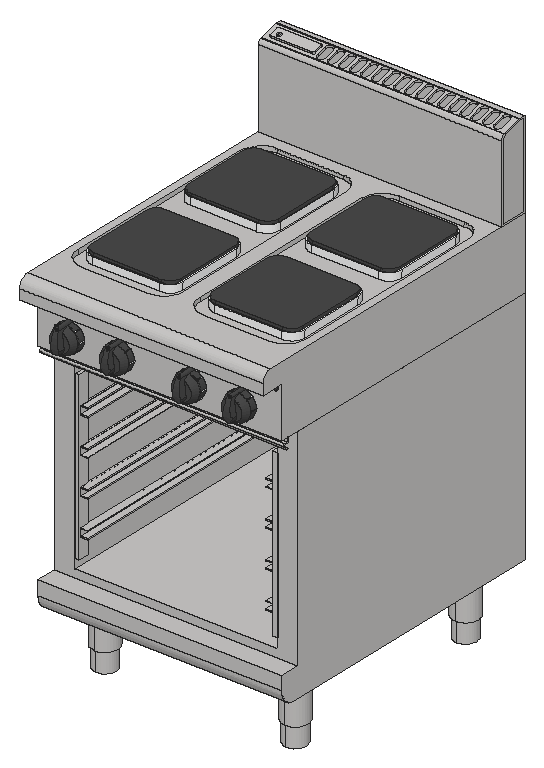
Revit family "QF_Moffat_RN8400SE-CB_Electric_Cooktops_Sealed_Hobs_cat", category Specialty Equipment, Revit 2019
Family settings
  Round Connector Dimension = Use Diameter
  Part Type = Normal
  Work Plane-Based = No
  Always vertical = Yes
  Cut with Voids When Loaded = No
  Shared = No
  Room Calculation Point = No
Parameters (values of type "QF_Moffat_RN8400SE-CB")
  Weight in Kilograms = 79
  Watts = 9130 W
  Volts = 415 V
  URL Cutsheet = ""
  Specification by User = ""
  Specification by Manufacturer = ""
  Show Logo [instance] = yes
  Show High Back [instance] = yes
  Serial Number = ""
  Seismic Rating = ""
  SMACNA No = ""
  Revision Code = ""
  Phase = 2
  Number of Poles = 1
  NAFEM Spec ID Number = ""
  Model = "RN8400SE-CB"
  Min Ckt Ampacity = 0 A
  Max Overcurrent Protection = 0 A
  Masterspec = ""
  Manufacturer = "Moffat"
  Length = 600 mm
  Item Number = ""
  Installed By = ""
  Identify Quantity as Lot = yes
  Height = 1130 mm
  HP = ""
  Furnished By = ""
  Foodservice Equipment Identifier = yes
  FL Amps = 22 A
  Electrical Remarks = ""
  Electric Connection Type = ""
  Elec Conn RI Height = 0 mm
  Elec Conn Connection Height = 0 mm
  Description = "Electric Cooktops Sealed Hobs"
  Depth = 805 mm
  Cycle = 60 Hz
  Conn Plug = ""
  Conn Conduit = yes
  CSI MasterFormat = ""
  Apparent Power = if(Phase = 3, Volts * FL Amps * 1.73, Volts * FL Amps)  # 9130 VA
Reference planes
  plane 1 "BACK": y = 0
  plane 2: z = 0
  plane 3 "LEFT": x = 0
  plane 4 "RIGHT": x = 600
  plane 5 "FRONT": y = -805
  plane 6 "TOP": z = 1130
  plane 7 "Center Y": x = 300
  plane 8 "Center X": y = -402.5
Dimensions and locks
  equal spacing: plane 3 "LEFT", plane 7 "Center Y", plane 4 "RIGHT"
  "Length": plane 3 "LEFT" to plane 4 "RIGHT"
  equal spacing: plane 5 "FRONT", plane 8 "Center X", plane 1 "BACK"
  "Depth": plane 5 "FRONT" to plane 1 "BACK"
  "Height": plane 6 "TOP" to level
  aligned and locked: level to plane 2
Nested families
  nested 1: "RN8400SE-CB" at (0, 0, 0), type "E514S-CB"
  nested 2: "High and Low Option" at (0, 0, 0), High Back <- "Show High Back", Show Logo <- "Show Logo", type "RNLB8610SE"
    with Show Logo 2 yes, Show Logo 1 no, Show Logo yes, Low Back no, High Back yes
Connectors
  electrical at (470, -30, 148.4), driven by "Volts", driven by "Watts"
    settings: on nested 1, index 1, voltage 415 V, apparent load 9130 VA, apparent load phase1 0 VA, apparent load phase2 0 VA, apparent load phase3 0 VA, power factor 1, load classification "Other", number of poles 1, system type 30, power factor state 1, is connector primary yes, connector utility no, sub classification motor no, connector description "ELECTRICAL CONNECTION"
Definition of nested family "RN8400SE-CB"
  Parameters (values of type "E514S-CB")
    Weight in Kilograms = 131
    Watts = Volts * FL Amps  # 8800 W
    Volts = 400 V
    URL Cutsheet = ""
    Specification by User = ""
    Specification by Manufacturer = ""
    Serial Number = ""
    Seismic Rating = ""
    SMACNA No = ""
    Revision Code = ""
    Phase = 2
    Number of Poles = 1
    NAFEM Spec ID Number = ""
    Model = "RN8400SE-CB"
    Min Ckt Ampacity = 0 A
    Max Overcurrent Protection = 0 A
    Masterspec = ""
    Manufacturer = "Moffat"
    Length = 600 mm
    Item Number = ""
    Installed By = ""
    Identify Quantity as Lot = yes
    Height = 915 mm
    HP = ""
    Furnished By = ""
    Foodservice Equipment Identifier = yes
    FL Amps = 22 A
    Electrical Remarks = ""
    Electric Connection Type = ""
    Elec Conn RI Height = 0 mm
    Elec Conn Connection Height = 0 mm
    Description = "Electric Cooktops Sealed Hobs"
    Depth = 805 mm
    Cycle = 50 Hz
    Conn Plug = ""
    Conn Conduit = yes
    CSI MasterFormat = ""
    Apparent Power = if(Phase = 3, Volts * FL Amps * 1.73, Volts * FL Amps)  # 8800 VA
  Reference planes
    plane 1 "BACK": y = 0
    plane 2: z = 0
    plane 3 "LEFT": x = 0
    plane 4 "RIGHT": x = 600
    plane 5 "FRONT": y = -805
    plane 6 "TOP": z = 915
    plane 7 "Center Y": x = 300
    plane 8 "Center X": y = -402.5
    plane 9: x = 65.5
    plane 10: x = 87.5
    plane 11: x = 211.766
    plane 12: y = -30
    plane 13: x = 470
    plane 14: x = 512.5
    plane 15: x = 388.234
    plane 16: x = 534.5
    plane 17: y = -100
    plane 18: y = -625
  Forms (mm)
    Extrusion 1, solid
      sketch origin (0, 0, 815) x (0, 1, 0) y (0, 0, 1)
        loop
          line (0, -75) -> (0, 100) -> (-781, 100)
          arc (-781, 100) -> (-797.971, 92.971) -> (-805, 76) r 24
          line (-805, 76) -> (-805, 51) -> (-749, 51) -> (-749, -75) -> (0, -75)
      from 0 to 600
    Extrusion 2, void
      sketch origin (0, -781, 915) x (0, 1, 0) y (-1, 0, 0)
        loop
          arc (680.8, -69) -> (666.155, -33.645) -> (630.8, -19) r 50
          line (630.8, -19) -> (130.599, -19)
          arc (130.599, -19) -> (95.244, -33.645) -> (80.599, -69) r 50
          line (80.599, -69) -> (80.599, -231)
          arc (80.599, -231) -> (95.244, -266.355) -> (130.599, -281) r 50
          line (130.599, -281) -> (630.8, -281)
          arc (630.8, -281) -> (666.155, -266.355) -> (680.8, -231) r 50
          line (680.8, -231) -> (680.8, -69)
        loop
          line (680.8, -531) -> (680.8, -369)
          arc (680.8, -369) -> (666.155, -333.645) -> (630.8, -319) r 50
          line (630.8, -319) -> (130.599, -319)
          arc (130.599, -319) -> (95.244, -333.645) -> (80.599, -369) r 50
          line (80.599, -369) -> (80.599, -531)
          arc (80.599, -531) -> (95.244, -566.355) -> (130.599, -581) r 50
          line (130.599, -581) -> (630.8, -581)
          arc (630.8, -581) -> (666.155, -566.355) -> (680.8, -531) r 50
      from 0 to -9.5
    Extrusion 3, solid
      sketch origin (0, -781, 905.5) x (0, 1, 0) y (-1, 0, 0)
        loop
          arc (644.8, -68) -> (635.427, -45.373) -> (612.8, -36) r 32
          line (612.8, -36) -> (448.599, -36)
          arc (448.599, -36) -> (425.972, -45.373) -> (416.599, -68) r 32
          line (416.599, -68) -> (416.599, -232)
          arc (416.599, -232) -> (425.972, -254.627) -> (448.599, -264) r 32
          line (448.599, -264) -> (612.8, -264)
          arc (612.8, -264) -> (635.427, -254.627) -> (644.8, -232) r 32
          line (644.8, -232) -> (644.8, -68)
        loop
          arc (344.599, -68) -> (335.227, -45.373) -> (312.599, -36) r 32
          line (312.599, -36) -> (148.599, -36)
          arc (148.599, -36) -> (125.972, -45.373) -> (116.599, -68) r 32
          line (116.599, -68) -> (116.599, -232)
          arc (116.599, -232) -> (125.972, -254.627) -> (148.599, -264) r 32
          line (148.599, -264) -> (312.599, -264)
          arc (312.599, -264) -> (335.227, -254.627) -> (344.599, -232) r 32
          line (344.599, -232) -> (344.599, -68)
        loop
          arc (644.8, -368) -> (635.427, -345.373) -> (612.8, -336) r 32
          line (612.8, -336) -> (448.599, -336)
          arc (448.599, -336) -> (425.972, -345.373) -> (416.599, -368) r 32
          line (416.599, -368) -> (416.599, -532)
          arc (416.599, -532) -> (425.972, -554.627) -> (448.599, -564) r 32
          line (448.599, -564) -> (612.8, -564)
          arc (612.8, -564) -> (635.427, -554.627) -> (644.8, -532) r 32
          line (644.8, -532) -> (644.8, -368)
        loop
          arc (344.599, -368) -> (335.227, -345.373) -> (312.599, -336) r 32
          line (312.599, -336) -> (148.599, -336)
          arc (148.599, -336) -> (125.972, -345.373) -> (116.599, -368) r 32
          line (116.599, -368) -> (116.599, -532)
          arc (116.599, -532) -> (125.972, -554.627) -> (148.599, -564) r 32
          line (148.599, -564) -> (312.599, -564)
          arc (312.599, -564) -> (335.227, -554.627) -> (344.599, -532) r 32
          line (344.599, -532) -> (344.599, -368)
      from 0 to 17.8
    Extrusion 4, solid
      sketch origin (0, -781, 923.3) x (0, 1, 0) y (-1, 0, 0)
        loop
          arc (640.8, -67) -> (632.892, -47.908) -> (613.8, -40) r 27
          line (613.8, -40) -> (447.599, -40)
          arc (447.599, -40) -> (428.508, -47.908) -> (420.599, -67) r 27
          line (420.599, -67) -> (420.599, -233)
          arc (420.599, -233) -> (428.508, -252.092) -> (447.599, -260) r 27
          line (447.599, -260) -> (613.8, -260)
          arc (613.8, -260) -> (632.892, -252.092) -> (640.8, -233) r 27
          line (640.8, -233) -> (640.8, -67)
        loop
          arc (340.599, -67) -> (332.691, -47.908) -> (313.599, -40) r 27
          line (313.599, -40) -> (147.599, -40)
          arc (147.599, -40) -> (128.508, -47.908) -> (120.599, -67) r 27
          line (120.599, -67) -> (120.599, -233)
          arc (120.599, -233) -> (128.508, -252.092) -> (147.599, -260) r 27
          line (147.599, -260) -> (313.599, -260)
          arc (313.599, -260) -> (332.691, -252.092) -> (340.599, -233) r 27
          line (340.599, -233) -> (340.599, -67)
        loop
          line (640.8, -533) -> (640.8, -367)
          arc (640.8, -367) -> (632.892, -347.908) -> (613.8, -340) r 27
          line (613.8, -340) -> (447.599, -340)
          arc (447.599, -340) -> (428.508, -347.908) -> (420.599, -367) r 27
          line (420.599, -367) -> (420.599, -533)
          arc (420.599, -533) -> (428.508, -552.092) -> (447.599, -560) r 27
          line (447.599, -560) -> (613.8, -560)
          arc (613.8, -560) -> (632.892, -552.092) -> (640.8, -533) r 27
        loop
          line (340.599, -533) -> (340.599, -367)
          arc (340.599, -367) -> (332.691, -347.908) -> (313.599, -340) r 27
          line (313.599, -340) -> (147.599, -340)
          arc (147.599, -340) -> (128.508, -347.908) -> (120.599, -367) r 27
          line (120.599, -367) -> (120.599, -533)
          arc (120.599, -533) -> (128.508, -552.092) -> (147.599, -560) r 27
          line (147.599, -560) -> (313.599, -560)
          arc (313.599, -560) -> (332.691, -552.092) -> (340.599, -533) r 27
      from 0 to 6.1
    Extrusion 5, solid
      sketch origin (0, 0, 770) x (0, 1, 0) y (0, 0, 1)
        loop
          line (-730.6, -30) -> (-730.6, -40) -> (-740.105, -40)
          arc (-740.105, -40) -> (-743.076, -41.985) -> (-742.379, -45.489) r 3.215
          line (-742.379, -45.489) -> (-731.85, -56.018) -> (-730.719, -54.887) -> (-741.247, -44.358)
          arc (-741.247, -44.358) -> (-741.597, -42.597) -> (-740.105, -41.6) r 1.615
          line (-740.105, -41.6) -> (-729, -41.6) -> (-729, -30) -> (-730.6, -30)
      from 0 to 600
    Extrusion 6, solid
      sketch origin (0, -749, 785) x (0, 0, 1) y (-1, 0, 0)
        loop
          circle (56.3, -432.5) r 7.15
        loop
          circle (56.3, -557.5) r 7.15
        loop
          circle (56.3, -131.766) r 7.15
        loop
          circle (56.3, -256.766) r 7.15
      from 0 to 1.6
    Extrusion 7, solid
      sketch origin (0, -749, 785) x (0, 0, 1) y (-1, 0, 0)
        loop
          circle (68.843, -13.157) r 5
        loop
          circle (68.843, -586.843) r 5
      from 0 to 1.6
    Extrusion 8, solid
      sketch origin (-6096, 287.266, 150) x (0, 1, 0) y (-1, 0, 0)
        loop
          circle (-317.266, -6566) r 6.35
      from 0 to -1.6
    Extrusion 9, solid
      sketch origin (-6096, 187.719, 150) x (0, 1, 0) y (-1, 0, 0)
        loop
          line (-187.719, -6096) -> (-886.719, -6096) -> (-886.719, -6146) -> (-235.719, -6146) -> (-235.719, -6646) -> (-886.719, -6646) -> (-886.719, -6696) -> (-187.719, -6696) -> (-187.719, -6096)
      from 0 to 590
    Extrusion 10, solid
      sketch origin (0, 0, 0) x (0, 1, 0) y (0, 0, 1)
        loop
          line (-48, 150) -> (-48, 242.5) -> (-699, 242.5) -> (-699, 222.5) -> (-749, 222.5) -> (-749, 188)
          arc (-749, 188) -> (-737.87, 161.13) -> (-711, 150) r 38
          line (-711, 150) -> (-48, 150)
      from 0 to 600
    Extrusion 11, solid
      sketch origin (50, 0, 150) x (0, -1, 0) y (0, 0, -1)
        loop
          line (699, -525) -> (699, -117.5) -> (673.6, -117.5) -> (673.6, -525) -> (699, -525)
        loop
          line (75.4, -117.5) -> (48, -117.5) -> (48, -525) -> (75.4, -525) -> (75.4, -117.5)
      from 0 to 11.3
    Extrusion 12, solid
      sketch origin (50, -48, 267.5) x (0, 0, 1) y (1, 0, 0)
        loop
          line (320, 30.3) -> (320, 11.3) -> (340, 11.3) -> (340, 30.3) -> (338.4, 30.3) -> (338.4, 12.9) -> (321.6, 12.9) -> (321.6, 30.3) -> (320, 30.3)
        loop
          line (230, 30.3) -> (230, 11.3) -> (250, 11.3) -> (250, 30.3) -> (248.4, 30.3) -> (248.4, 12.9) -> (231.6, 12.9) -> (231.6, 30.3) -> (230, 30.3)
        loop
          line (140, 30.3) -> (140, 11.3) -> (160, 11.3) -> (160, 30.3) -> (158.4, 30.3) -> (158.4, 12.9) -> (141.6, 12.9) -> (141.6, 30.3) -> (140, 30.3)
        loop
          line (50, 30.3) -> (50, 11.3) -> (70, 11.3) -> (70, 30.3) -> (68.4, 30.3) -> (68.4, 12.9) -> (51.6, 12.9) -> (51.6, 30.3) -> (50, 30.3)
      from 0 to -649
    Revolve 13, solid
      sketch origin (65.5, -4572, -304.8) x (0, 0, -1) y (0, -1, 0)
        loop
          line (-304.8, -3947) -> (-454.8, -3947) -> (-454.8, -3978.75) -> (-354.8, -3978.75) -> (-354.8, -3974.5) -> (-304.8, -3974.5) -> (-304.8, -3947)
        axis (-454.8, -3947) -> (-304.8, -3947)
      angle from 0 to 360
    Revolve 14, solid
      sketch origin (534.5, -4572, -304.8) x (0, 0, -1) y (0, 1, 0)
        loop
          line (-304.8, 3947) -> (-304.8, 3974.5) -> (-354.8, 3974.5) -> (-354.8, 3978.75) -> (-454.8, 3978.75) -> (-454.8, 3947) -> (-304.8, 3947)
        axis (-454.8, 3947) -> (-304.8, 3947)
      angle from 0 to 360
    Revolve 15, solid
      sketch origin (65.5, 3847, -304.8) x (0, 0, -1) y (0, -1, 0)
        loop
          line (-304.8, 3947) -> (-304.8, 3974.5) -> (-354.8, 3974.5) -> (-354.8, 3978.75) -> (-454.8, 3978.75) -> (-454.8, 3947) -> (-304.8, 3947)
        axis (-454.8, 3947) -> (-304.8, 3947)
      angle from 0 to 360
    Revolve 16, solid
      sketch origin (534.5, 3847, -304.8) x (0, 0, -1) y (0, 1, 0)
        loop
          line (-304.8, -3947) -> (-454.8, -3947) -> (-454.8, -3978.75) -> (-354.8, -3978.75) -> (-354.8, -3974.5) -> (-304.8, -3974.5) -> (-304.8, -3947)
        axis (-454.8, -3947) -> (-304.8, -3947)
      angle from 0 to 360
    Extrusion 17, solid
      sketch origin (550, 0, 150) x (0, -1, 0) y (0, 0, 1)
        loop
          line (699, 525) -> (673.6, 525) -> (673.6, 117.5) -> (699, 117.5) -> (699, 525)
        loop
          line (75.4, 117.5) -> (75.4, 525) -> (48, 525) -> (48, 117.5) -> (75.4, 117.5)
      from 0 to 11.3
    Extrusion 18, solid
      sketch origin (550, -48, 267.5) x (0, 0, 1) y (1, 0, 0)
        loop
          line (320, -30.3) -> (321.6, -30.3) -> (321.6, -12.9) -> (338.4, -12.9) -> (338.4, -30.3) -> (340, -30.3) -> (340, -11.3) -> (320, -11.3) -> (320, -30.3)
        loop
          line (230, -30.3) -> (231.6, -30.3) -> (231.6, -12.9) -> (248.4, -12.9) -> (248.4, -30.3) -> (250, -30.3) -> (250, -11.3) -> (230, -11.3) -> (230, -30.3)
        loop
          line (140, -30.3) -> (141.6, -30.3) -> (141.6, -12.9) -> (158.4, -12.9) -> (158.4, -30.3) -> (160, -30.3) -> (160, -11.3) -> (140, -11.3) -> (140, -30.3)
        loop
          line (50, -30.3) -> (51.6, -30.3) -> (51.6, -12.9) -> (68.4, -12.9) -> (68.4, -30.3) -> (70, -30.3) -> (70, -11.3) -> (50, -11.3) -> (50, -30.3)
      from 0 to -649
  Cuts and joins
    Extrusion 2 cuts Extrusion 1
    joined: Extrusion 9, Extrusion 10
  Lines and regions (mm)
    symbolic lines
      curve 1: line (0, 0, 0) -> (600, 0, 0)
      curve 2: line (0, -805, 0) -> (0, 0, 0)
      curve 3: line (600, -805, 0) -> (0, -805, 0)
      curve 4: line (600, 0, 0) -> (600, -805, 0)
      curve 5: arc (69, -700.401, 0) -> (33.645, -685.756, 0) -> (19, -650.401, 0) r 50
      curve 6: line (19, -650.401, 0) -> (19, -150.2, 0)
      curve 7: arc (19, -150.2, 0) -> (33.645, -114.845, 0) -> (69, -100.2, 0) r 50
      curve 8: line (69, -100.2, 0) -> (231, -100.2, 0)
      curve 9: arc (231, -100.2, 0) -> (266.355, -114.845, 0) -> (281, -150.2, 0) r 50
      curve 10: line (281, -150.2, 0) -> (281, -650.401, 0)
      curve 11: arc (281, -650.401, 0) -> (266.355, -685.756, 0) -> (231, -700.401, 0) r 50
      curve 12: line (231, -700.401, 0) -> (69, -700.401, 0)
      curve 13: arc (369, -700.401, 0) -> (333.645, -685.756, 0) -> (319, -650.401, 0) r 50
      curve 14: line (319, -650.401, 0) -> (319, -150.2, 0)
      curve 15: arc (319, -150.2, 0) -> (333.645, -114.845, 0) -> (369, -100.2, 0) r 50
      curve 16: line (369, -100.2, 0) -> (531, -100.2, 0)
      curve 17: arc (531, -100.2, 0) -> (566.355, -114.845, 0) -> (581, -150.2, 0) r 50
      curve 18: line (581, -150.2, 0) -> (581, -650.401, 0)
      curve 19: arc (581, -650.401, 0) -> (566.355, -685.756, 0) -> (531, -700.401, 0) r 50
      curve 20: line (531, -700.401, 0) -> (369, -700.401, 0)
      curve 21: arc (232, -664.401, 0) -> (254.627, -655.028, 0) -> (264, -632.401, 0) r 32
      curve 22: line (264, -632.401, 0) -> (264, -468.401, 0)
      curve 23: arc (264, -468.401, 0) -> (254.627, -445.773, 0) -> (232, -436.401, 0) r 32
      curve 24: line (232, -436.401, 0) -> (68, -436.401, 0)
      curve 25: arc (68, -436.401, 0) -> (45.373, -445.773, 0) -> (36, -468.401, 0) r 32
      curve 26: line (36, -468.401, 0) -> (36, -632.401, 0)
      curve 27: arc (36, -632.401, 0) -> (45.373, -655.028, 0) -> (68, -664.401, 0) r 32
      curve 28: line (68, -664.401, 0) -> (232, -664.401, 0)
      curve 29: arc (233, -660.401, 0) -> (252.092, -652.492, 0) -> (260, -633.401, 0) r 27
      curve 30: line (260, -633.401, 0) -> (260, -467.401, 0)
      curve 31: arc (260, -467.401, 0) -> (252.092, -448.309, 0) -> (233, -440.401, 0) r 27
      curve 32: line (233, -440.401, 0) -> (67, -440.401, 0)
      curve 33: arc (67, -440.401, 0) -> (47.908, -448.309, 0) -> (40, -467.401, 0) r 27
      curve 34: line (40, -467.401, 0) -> (40, -633.401, 0)
      curve 35: arc (40, -633.401, 0) -> (47.908, -652.492, 0) -> (67, -660.401, 0) r 27
      curve 36: line (67, -660.401, 0) -> (233, -660.401, 0)
      curve 37: arc (336, -632.401, 0) -> (345.373, -655.028, 0) -> (368, -664.401, 0) r 32
      curve 38: line (368, -664.401, 0) -> (532, -664.401, 0)
      curve 39: arc (532, -664.401, 0) -> (554.627, -655.028, 0) -> (564, -632.401, 0) r 32
      curve 40: line (564, -632.401, 0) -> (564, -468.401, 0)
      curve 41: arc (564, -468.401, 0) -> (554.627, -445.773, 0) -> (532, -436.401, 0) r 32
      curve 42: line (532, -436.401, 0) -> (368, -436.401, 0)
      curve 43: arc (368, -436.401, 0) -> (345.373, -445.773, 0) -> (336, -468.401, 0) r 32
      curve 44: line (336, -468.401, 0) -> (336, -632.401, 0)
      curve 45: arc (340, -633.401, 0) -> (347.908, -652.492, 0) -> (367, -660.401, 0) r 27
      curve 46: line (367, -660.401, 0) -> (533, -660.401, 0)
      curve 47: arc (533, -660.401, 0) -> (552.092, -652.492, 0) -> (560, -633.401, 0) r 27
      curve 48: line (560, -633.401, 0) -> (560, -467.401, 0)
      curve 49: arc (560, -467.401, 0) -> (552.092, -448.309, 0) -> (533, -440.401, 0) r 27
      curve 50: line (533, -440.401, 0) -> (367, -440.401, 0)
      curve 51: arc (367, -440.401, 0) -> (347.908, -448.309, 0) -> (340, -467.401, 0) r 27
      curve 52: line (340, -467.401, 0) -> (340, -633.401, 0)
      curve 53: arc (340, -333.401, 0) -> (347.908, -352.492, 0) -> (367, -360.401, 0) r 27
      curve 54: line (367, -360.401, 0) -> (533, -360.401, 0)
      curve 55: arc (533, -360.401, 0) -> (552.092, -352.492, 0) -> (560, -333.401, 0) r 27
      curve 56: line (560, -333.401, 0) -> (560, -167.2, 0)
      curve 57: arc (560, -167.2, 0) -> (552.092, -148.108, 0) -> (533, -140.2, 0) r 27
      curve 58: line (533, -140.2, 0) -> (367, -140.2, 0)
      curve 59: arc (367, -140.2, 0) -> (347.908, -148.108, 0) -> (340, -167.2, 0) r 27
      curve 60: line (340, -167.2, 0) -> (340, -333.401, 0)
      curve 61: arc (336, -332.401, 0) -> (345.373, -355.028, 0) -> (368, -364.401, 0) r 32
      curve 62: line (368, -364.401, 0) -> (532, -364.401, 0)
      curve 63: arc (532, -364.401, 0) -> (554.627, -355.028, 0) -> (564, -332.401, 0) r 32
      curve 64: line (564, -332.401, 0) -> (564, -168.2, 0)
      curve 65: arc (564, -168.2, 0) -> (554.627, -145.573, 0) -> (532, -136.2, 0) r 32
      curve 66: line (532, -136.2, 0) -> (368, -136.2, 0)
      curve 67: arc (368, -136.2, 0) -> (345.373, -145.573, 0) -> (336, -168.2, 0) r 32
      curve 68: line (336, -168.2, 0) -> (336, -332.401, 0)
      curve 69: arc (232, -364.401, 0) -> (254.627, -355.028, 0) -> (264, -332.401, 0) r 32
      curve 70: line (264, -332.401, 0) -> (264, -168.2, 0)
      curve 71: arc (264, -168.2, 0) -> (254.627, -145.573, 0) -> (232, -136.2, 0) r 32
      curve 72: line (232, -136.2, 0) -> (68, -136.2, 0)
      curve 73: arc (68, -136.2, 0) -> (45.373, -145.573, 0) -> (36, -168.2, 0) r 32
      curve 74: line (36, -168.2, 0) -> (36, -332.401, 0)
      curve 75: arc (36, -332.401, 0) -> (45.373, -355.028, 0) -> (68, -364.401, 0) r 32
      curve 76: line (68, -364.401, 0) -> (232, -364.401, 0)
      curve 77: arc (233, -360.401, 0) -> (252.092, -352.492, 0) -> (260, -333.401, 0) r 27
      curve 78: line (260, -333.401, 0) -> (260, -167.2, 0)
      curve 79: arc (260, -167.2, 0) -> (252.092, -148.108, 0) -> (233, -140.2, 0) r 27
      curve 80: line (233, -140.2, 0) -> (67, -140.2, 0)
      curve 81: arc (67, -140.2, 0) -> (47.908, -148.108, 0) -> (40, -167.2, 0) r 27
      curve 82: line (40, -167.2, 0) -> (40, -333.401, 0)
      curve 83: arc (40, -333.401, 0) -> (47.908, -352.492, 0) -> (67, -360.401, 0) r 27
      curve 84: line (67, -360.401, 0) -> (233, -360.401, 0)
  Dimensions and locks
    equal spacing: plane 3 "LEFT", plane 7 "Center Y", plane 4 "RIGHT"
    "Length": plane 3 "LEFT" to plane 4 "RIGHT"
    equal spacing: plane 5 "FRONT", plane 8 "Center X", plane 1 "BACK"
    "Depth": plane 5 "FRONT" to plane 1 "BACK"
    plane 4 "RIGHT" to plane 3 "LEFT" = 600 mm
    plane 1 "BACK" to plane 5 "FRONT" = 805 mm
    plane 6 "TOP" to plane 2 = 915 mm
    cut or joined group of Extrusion 1, Extrusion 2 to plane 2 = 915 mm
    plane 13 to plane 4 "RIGHT" = 130 mm
    plane 9 to plane 16 = 469 mm
    plane 1 "BACK" to plane 17 = 100 mm
    plane 17 to plane 18 = 525 mm
    plane 1 "BACK" to plane 12 = 30 mm
    plane 5 "FRONT" to plane 1 "BACK" = 805 mm
    "Height": plane 6 "TOP" to level
    plane 18 to plane 17 = 525 mm
    level to cut or joined group of Extrusion 9, Extrusion 10 = 150 mm
    aligned and locked: level to plane 2
  Automatic sketch dimensions
    curve 3 to plane 3 "LEFT" = 0 mm
    curve 3 to plane 4 "RIGHT" = 0 mm
    plane 5 "FRONT" to curve 3 = 0 mm
    plane 1 "BACK" to curve 4 = 0 mm
    plane 3 "LEFT" to curve 6 = 19 mm
    curve 6 to curve 74 = 17 mm
    plane 9 to curve 26 = 29.5 mm
    curve 27 to curve 34 = 4 mm
    curve 75 to curve 82 = 4 mm
    curve 33 to plane 9 = 1.5 mm
    curve 83 to plane 9 = 1.5 mm
    curve 81 to plane 9 = 1.5 mm
    curve 36 to plane 9 = 1.5 mm
    curve 76 to plane 9 = 2.5 mm
    curve 33 to curve 25 = 1 mm
    curve 28 to plane 9 = 2.5 mm
    curve 81 to curve 73 = 1 mm
    curve 12 to plane 9 = 3.5 mm
    plane 17 to curve 8 = 0.2 mm
    curve 8 to plane 9 = 3.5 mm
    plane 11 to curve 8 = 19.234 mm
    plane 11 to curve 11 = 19.234 mm
    plane 18 to curve 21 = 7.401 mm
    curve 11 to curve 21 = 1 mm
    plane 11 to curve 76 = 20.234 mm
    plane 11 to curve 23 = 20.234 mm
    curve 9 to curve 71 = 1 mm
    curve 23 to curve 31 = 1 mm  (x2)
    curve 71 to curve 80 = 1 mm
    curve 28 to curve 36 = 1 mm
    curve 69 to curve 77 = 1 mm
    curve 31 to curve 30 = 27 mm
    curve 77 to curve 78 = 27 mm
    curve 30 to curve 22 = 4 mm
    curve 77 to curve 70 = 4 mm
    curve 10 to plane 7 "Center Y" = 19 mm
    plane 7 "Center Y" to curve 14 = 19 mm
    plane 18 to curve 44 = 7.401 mm
    curve 14 to curve 44 = 17 mm
    plane 7 "Center Y" to curve 68 = 36 mm
    curve 68 to curve 60 = 4 mm
    curve 44 to curve 52 = 4 mm
    plane 15 to curve 51 = 21.234 mm
    plane 15 to curve 59 = 21.234 mm
    plane 15 to curve 53 = 21.234 mm
    plane 15 to curve 46 = 21.234 mm
    curve 50 to curve 42 = 1 mm
    curve 46 to curve 38 = 1 mm
    curve 59 to curve 67 = 1 mm
    curve 54 to curve 62 = 1 mm
    plane 17 to curve 16 = 0.2 mm
    plane 15 to curve 16 = 19.234 mm
    plane 15 to curve 20 = 19.234 mm
    curve 20 to plane 16 = 3.5 mm
    curve 17 to plane 16 = 3.5 mm
    curve 38 to plane 16 = 2.5 mm
    curve 66 to plane 16 = 2.5 mm
    curve 63 to plane 16 = 2.5 mm
    curve 41 to plane 16 = 2.5 mm
    curve 63 to curve 55 = 1 mm
    curve 46 to plane 16 = 1.5 mm
    curve 58 to plane 16 = 1.5 mm
    curve 50 to plane 16 = 1.5 mm
    plane 16 to curve 56 = 25.5 mm
    plane 18 to curve 48 = 8.401 mm
    plane 16 to curve 48 = 25.5 mm
    curve 48 to curve 40 = 4 mm
    curve 55 to curve 64 = 4 mm
    plane 4 "RIGHT" to curve 18 = 19 mm
    curve 20 to curve 38 = 36 mm
    curve 12 to curve 21 = 36 mm
    curve 27 to curve 36 = 4 mm
    curve 40 to plane 8 "Center X" = 65.901 mm
    curve 25 to plane 8 "Center X" = 65.901 mm
    curve 43 to curve 52 = 1 mm
    plane 8 "Center X" to curve 76 = 38.099 mm
    plane 8 "Center X" to curve 62 = 38.099 mm
    curve 62 to curve 54 = 4 mm
    curve 75 to curve 84 = 4 mm
    curve 67 to curve 15 = 18 mm
    curve 70 to curve 10 = 18 mm
    curve 73 to curve 81 = 1 mm
    curve 64 to curve 56 = 1 mm
    Extrusion 1 sketch curve to plane 5 "FRONT" = 0 mm
    Extrusion 1 sketch curve to plane 6 "TOP" = 0 mm
    Extrusion 1 sketch curve to plane 1 "BACK" = 0 mm
    Extrusion 1 sketch curve to Extrusion 1 sketch curve = 24 mm
    Extrusion 1 sketch curve to Extrusion 1 sketch curve = 32 mm
    Extrusion 1 sketch curve to Extrusion 1 sketch curve = 25 mm
    Extrusion 1 sketch curve to Extrusion 1 sketch curve = 175 mm
    Extrusion 2 sketch curve to Extrusion 1 = 80.599 mm  (x2)
    Extrusion 1 to Extrusion 2 sketch curve = 19 mm
    Extrusion 2 sketch curve to Extrusion 2 sketch curve = 50 mm  (x6)
    Extrusion 1 to Extrusion 2 sketch curve = 69 mm
    Extrusion 1 to Extrusion 2 sketch curve = 150.2 mm  (x3)
    Extrusion 2 sketch curve to Extrusion 2 sketch curve = 0 mm
    Extrusion 2 sketch curve to Extrusion 2 sketch curve = 162 mm
    Extrusion 2 sketch curve to Extrusion 2 sketch curve = 38 mm
    Extrusion 3 sketch curve to Extrusion 2 = 36 mm  (x2)
    Extrusion 3 sketch curve to Extrusion 3 sketch curve = 32 mm  (x13)
    Extrusion 3 sketch curve to Extrusion 2 = 17 mm  (x6)
    Extrusion 3 sketch curve to Extrusion 2 = 49 mm  (x3)
    Extrusion 3 sketch curve to Extrusion 3 sketch curve = 164 mm  (x2)
    Extrusion 3 sketch curve to Extrusion 3 sketch curve = 72 mm  (x2)
    Extrusion 3 sketch curve to Extrusion 2 = 68 mm  (x4)
    Extrusion 4 sketch curve to Extrusion 3 = 4 mm  (x15)
    Extrusion 4 sketch curve to Extrusion 4 sketch curve = 27 mm  (x6)
    Extrusion 4 sketch curve to Extrusion 3 = 31 mm  (x11)
    Extrusion 5 sketch curve to Extrusion 5 sketch curve = 0 mm  (x2)
    Extrusion 5 sketch curve to plane 5 "FRONT" = 62.621 mm
    Extrusion 5 sketch curve to Extrusion 5 sketch curve = 1.131 mm  (x3)
    Extrusion 5 sketch curve to Extrusion 5 sketch curve = 1.142 mm  (x2)
    Extrusion 5 sketch curve to Extrusion 5 sketch curve = 10.529 mm
    Extrusion 5 sketch curve to Extrusion 5 sketch curve = 9.505 mm
    Extrusion 5 sketch curve to Extrusion 5 sketch curve = 1.6 mm
    Extrusion 5 sketch curve to plane 6 "TOP" = 201.018 mm
    Extrusion 5 sketch curve to Extrusion 5 sketch curve = 10 mm
    Extrusion 1 to Extrusion 6 sketch curve = 24.7 mm  (x4)
    Extrusion 1 to Extrusion 6 sketch curve = 42.5 mm
    Extrusion 6 sketch curve to Extrusion 6 sketch curve = 125 mm  (x2)
    Extrusion 6 sketch curve to Extrusion 6 sketch curve = 175.734 mm
    Extrusion 1 to Extrusion 7 sketch curve = 12.157 mm  (x2)
    Extrusion 1 to Extrusion 7 sketch curve = 13.157 mm  (x2)
    plane 12 to Extrusion 8 sketch curve = 0 mm
    Extrusion 8 sketch curve to plane 13 = 0 mm
    Extrusion 9 sketch curve to plane 3 "LEFT" = 0 mm
    Extrusion 9 sketch curve to plane 4 "RIGHT" = 0 mm
    plane 1 "BACK" to Extrusion 9 sketch curve = 0 mm
    plane 12 to Extrusion 9 sketch curve = 18 mm
    plane 18 to Extrusion 9 sketch curve = 74 mm  (x2)
    plane 16 to Extrusion 9 sketch curve = 15.5 mm
    plane 9 to Extrusion 9 sketch curve = 15.5 mm
    Extrusion 10 sketch curve to plane 5 "FRONT" = 56 mm
    Extrusion 10 sketch curve to Extrusion 10 sketch curve = 38 mm
    Extrusion 10 sketch curve to Extrusion 10 sketch curve = 50 mm
    plane 12 to Extrusion 10 sketch curve = 18 mm
    level to Extrusion 10 sketch curve = 150 mm
    Extrusion 10 sketch curve to Extrusion 10 sketch curve = 34.5 mm
    Extrusion 10 sketch curve to Extrusion 10 sketch curve = 92.5 mm
    plane 12 to Extrusion 11 sketch curve = 18 mm
    Extrusion 11 sketch curve to plane 17 = 24.6 mm
    plane 18 to Extrusion 11 sketch curve = 48.6 mm
    Extrusion 11 sketch curve to Extrusion 11 sketch curve = 25.4 mm
    Extrusion 11 sketch curve to plane 6 "TOP" = 240 mm  (x2)
    level to Extrusion 11 sketch curve = 267.5 mm  (x2)
    Extrusion 11 to Extrusion 12 sketch curve = 0 mm  (x4)
    Extrusion 12 sketch curve to Extrusion 11 = 19 mm  (x4)
    Extrusion 12 sketch curve to Extrusion 11 = 50 mm
    Extrusion 12 sketch curve to Extrusion 12 sketch curve = 1.6 mm  (x8)
    Extrusion 12 sketch curve to Extrusion 11 = 1.6 mm  (x4)
    Extrusion 12 sketch curve to Extrusion 12 sketch curve = 16.8 mm  (x4)
    Extrusion 12 sketch curve to Extrusion 12 sketch curve = 70 mm  (x3)
    Extrusion 12 sketch curve to Extrusion 12 sketch curve = 17.4 mm  (x3)
    Extrusion 12 sketch curve to Extrusion 12 sketch curve = 0 mm
    Revolve 13 sketch curve to plane 18 = 0 mm  (x2)
    Revolve 13 sketch curve to level = 0 mm  (x2)
    Revolve 13 sketch curve to Revolve 13 sketch curve = 50 mm
    Revolve 13 sketch curve to Revolve 13 sketch curve = 100 mm
    Revolve 13 sketch curve to plane 18 = 27.5 mm
    Revolve 13 sketch curve to plane 18 = 31.75 mm
    Revolve 13 sketch curve to Revolve 13 sketch curve = 35 mm
    Revolve 14 sketch curve to plane 18 = 0 mm  (x2)
    Revolve 14 sketch curve to level = 0 mm  (x2)
    Revolve 14 sketch curve to Revolve 14 sketch curve = 50 mm
    Revolve 14 sketch curve to Revolve 14 sketch curve = 100 mm
    Revolve 14 sketch curve to Revolve 14 sketch curve = 27.5 mm
    Revolve 14 sketch curve to Revolve 14 sketch curve = 31.75 mm
    Revolve 14 sketch curve to Revolve 14 sketch curve = 35 mm
    Revolve 15 sketch curve to plane 17 = 0 mm  (x2)
    Revolve 15 sketch curve to level = 0 mm  (x2)
    Revolve 15 sketch curve to Revolve 15 sketch curve = 50 mm
    Revolve 15 sketch curve to Revolve 15 sketch curve = 100 mm
    Revolve 15 sketch curve to Revolve 15 sketch curve = 27.5 mm
    Revolve 15 sketch curve to Revolve 15 sketch curve = 31.75 mm
    Revolve 15 sketch curve to level = 35 mm
    Revolve 16 sketch curve to plane 17 = 0 mm  (x2)
    Revolve 16 sketch curve to level = 0 mm  (x2)
    Revolve 16 sketch curve to Revolve 16 sketch curve = 50 mm
    Revolve 16 sketch curve to Revolve 16 sketch curve = 100 mm
    plane 17 to Revolve 16 sketch curve = 27.5 mm
    Revolve 16 sketch curve to Revolve 16 sketch curve = 31.75 mm
    Revolve 16 sketch curve to level = 35 mm
    plane 12 to Extrusion 17 sketch curve = 18 mm
    Extrusion 17 sketch curve to plane 17 = 24.6 mm
    plane 18 to Extrusion 17 sketch curve = 48.6 mm
    Extrusion 17 sketch curve to Extrusion 17 sketch curve = 25.4 mm
    level to Extrusion 17 sketch curve = 267.5 mm  (x2)
    Extrusion 17 sketch curve to plane 6 "TOP" = 240 mm  (x2)
    Extrusion 18 sketch curve to Extrusion 17 = 0 mm  (x4)
    Extrusion 18 sketch curve to Extrusion 17 = 19 mm  (x4)
    Extrusion 18 sketch curve to Extrusion 17 = 50 mm
    Extrusion 18 sketch curve to Extrusion 18 sketch curve = 1.6 mm  (x8)
    Extrusion 18 sketch curve to Extrusion 17 = 1.6 mm  (x4)
    Extrusion 18 sketch curve to Extrusion 18 sketch curve = 16.8 mm  (x4)
    Extrusion 18 sketch curve to Extrusion 18 sketch curve = 70 mm  (x3)
    Extrusion 18 sketch curve to Extrusion 18 sketch curve = 0 mm  (x2)
    Extrusion 18 sketch curve to Extrusion 18 sketch curve = 17.4 mm  (x2)
    radius of Extrusion 6 sketch curve = 7.15 mm  (x4)
    radius of Extrusion 7 sketch curve = 5 mm  (x2)
    radius of Extrusion 8 sketch curve = 6.35 mm
  Nested families
    nested 1: "Knob" at (55.003, -749, 764.5), type "Knob"
    nested 2: "Knob" at (179.269, -749, 764.5), type "Knob"
    nested 3: "Knob" at (355.738, -749, 764.5), type "Knob"
    nested 4: "Knob" at (480.003, -749, 764.5), type "Knob"
  Definition of nested family "Knob"
    Parameters (values of type "Knob")
      Weight in Pounds = 0
      URL Cutsheet = ""
      Specification by User = ""
      Specification by Manufacturer = ""
      Serial Number = ""
      Seismic Rating = ""
      SMACNA No = ""
      Revision Code = ""
      NAFEM Spec ID Number = ""
      Masterspec = ""
      Length = 65 mm
      Item Number = ""
      Installed By = ""
      Identify Quantity as Lot = yes
      Height = 69.5 mm
      Furnished By = ""
      Foodservice Equipment Identifier = yes
      Depth = 59 mm
      CSI MasterFormat = ""
    Reference planes
      plane 1 "BACK": y = 0
      plane 2: z = 0
      plane 3 "LEFT": x = 0
      plane 4 "RIGHT": x = 65
      plane 5 "FRONT": y = -59
      plane 6 "TOP": z = 69.5
      plane 7 "Center Y": x = 32.5
      plane 8 "Center X": y = -29.5
    Forms (mm)
      Revolve 1, solid
        sketch origin (32.5, 175.397, 1219.2) x (0, 1, 0) y (0, 0, 1)
          loop
            line (-175.397, -1186.7) -> (-219.397, -1186.7) -> (-219.397, -1211.501) -> (-202.106, -1219.2) -> (-185.397, -1219.2) -> (-185.397, -1191.7) -> (-175.397, -1191.7) -> (-175.397, -1186.7)
          axis (-219.397, -1186.7) -> (-175.397, -1186.7)
        angle from 0 to 360
      Extrusion 2, solid
        sketch origin (32.5, 175.397, 1219.2) x (0, 1, 0) y (0, 0, 1)
          loop
            line (-202.106, -1154.2) -> (-185.397, -1154.2) -> (-185.397, -1149.7) -> (-224.105, -1149.7)
            arc (-224.105, -1149.7) -> (-233.965, -1178.467) -> (-230.696, -1208.7) r 70
            line (-230.696, -1208.7) -> (-219.397, -1208.7) -> (-219.397, -1161.899) -> (-202.106, -1154.2)
        from -15 to 15
      Extrusion 3, void
        sketch origin (0, 0, 0) x (1, 0, 0) y (0, 0, 1)
          loop
            line (27.501, 64.613) -> (22.02, 20.585)
            arc (22.02, 20.585) -> (32.792, 10.488) -> (42.986, 21.169) r 10.487
            line (42.986, 21.169) -> (37.499, 64.613)
            arc (37.499, 64.613) -> (32.5, 69.5) -> (27.501, 64.613) r 5
          loop
            line (10, 72.977) -> (10, 5.625) -> (55, 5.625) -> (55, 72.977) -> (10, 72.977)
        from 6.142 to 69.687
      Extrusion 4, solid
        sketch origin (0, -34.115, -16.916) x (1, 0, 0) y (0, 0.45399, 0.891007)
          loop
            circle (32.497, 65) r 2
        from 51.525 to 53.075
      Extrusion 5, solid
        sketch origin (32.5, -10, 32.5) x (0, 0, -1) y (-1, 0, 0)
          loop
            line (-23.54, -22.408) -> (-24.106, -22.974)
            arc (-24.106, -22.974) -> (-23.547, -23.547) -> (-22.974, -24.106) r 33.3
            line (-22.974, -24.106) -> (-22.408, -23.54)
            arc (-22.408, -23.54) -> (-22.981, -22.981) -> (-23.54, -22.408) r 32.5
          loop
            arc (-0.8, -33.29) -> (0, -33.3) -> (0.8, -33.29) r 33.3
            line (0.8, -33.29) -> (0.8, -32.49)
            arc (0.8, -32.49) -> (0, -32.5) -> (-0.8, -32.49) r 32.5
            line (-0.8, -32.49) -> (-0.8, -33.29)
          loop
            arc (23.54, -22.408) -> (22.981, -22.981) -> (22.408, -23.54) r 32.5
            line (22.408, -23.54) -> (22.974, -24.106)
            arc (22.974, -24.106) -> (23.547, -23.547) -> (24.106, -22.974) r 33.3
            line (24.106, -22.974) -> (23.54, -22.408)
          loop
            arc (-23.54, 22.408) -> (-22.981, 22.981) -> (-22.408, 23.54) r 32.5
            line (-22.408, 23.54) -> (-22.974, 24.106)
            arc (-22.974, 24.106) -> (-23.547, 23.547) -> (-24.106, 22.974) r 33.3
            line (-24.106, 22.974) -> (-23.54, 22.408)
          loop
            line (-0.8, 33.29) -> (-0.8, 32.49)
            arc (-0.8, 32.49) -> (0, 32.5) -> (0.8, 32.49) r 32.5
            line (0.8, 32.49) -> (0.8, 33.29)
            arc (0.8, 33.29) -> (0, 33.3) -> (-0.8, 33.29) r 33.3
          loop
            line (32.49, -0.8) -> (33.29, -0.8)
            arc (33.29, -0.8) -> (33.3, 0) -> (33.29, 0.8) r 33.3
            line (33.29, 0.8) -> (32.49, 0.8)
            arc (32.49, 0.8) -> (32.5, 0) -> (32.49, -0.8) r 32.5
          loop
            arc (24.106, 22.974) -> (23.547, 23.547) -> (22.974, 24.106) r 33.3
            line (22.974, 24.106) -> (22.408, 23.54)
            arc (22.408, 23.54) -> (22.981, 22.981) -> (23.54, 22.408) r 32.5
            line (23.54, 22.408) -> (24.106, 22.974)
        from 0 to -16.709
    Cuts and joins
      Extrusion 3 cuts Extrusion 2
    Dimensions and locks
      equal spacing: plane 3 "LEFT", plane 7 "Center Y", plane 4 "RIGHT"
      "Length": plane 3 "LEFT" to plane 4 "RIGHT"
      equal spacing: plane 5 "FRONT", plane 8 "Center X", plane 1 "BACK"
      "Depth": plane 5 "FRONT" to plane 1 "BACK"
      "Height": plane 6 "TOP" to level
      plane 4 "RIGHT" to plane 3 "LEFT" = 65 mm
      aligned and locked: level to plane 2
    Automatic sketch dimensions
      Revolve 1 sketch curve to level = 0 mm
      Revolve 1 sketch curve to plane 1 "BACK" = 0 mm  (x2)
      plane 1 "BACK" to Revolve 1 sketch curve = 10 mm
      plane 8 "Center X" to Revolve 1 sketch curve = 2.791 mm
      Revolve 1 sketch curve to plane 8 "Center X" = 14.5 mm
      level to Revolve 1 sketch curve = 7.699 mm
      level to Revolve 1 sketch curve = 27.5 mm
      Revolve 1 sketch curve to Revolve 1 sketch curve = 5 mm
      Revolve 1 sketch curve to Revolve 1 sketch curve = 35 mm
      Revolve 1 sketch curve to Revolve 1 sketch curve = 0 mm
      Extrusion 2 sketch curve to plane 6 "TOP" = 0 mm
      Extrusion 2 sketch curve to plane 5 "FRONT" = 3.702 mm
      Extrusion 2 sketch curve to plane 5 "FRONT" = 10.293 mm
      Extrusion 2 sketch curve to Extrusion 2 sketch curve = 11.298 mm
      plane 8 "Center X" to Extrusion 2 sketch curve = 2.791 mm
      plane 1 "BACK" to Extrusion 2 sketch curve = 10 mm
      Extrusion 2 sketch curve to plane 1 "BACK" = 11 mm
      Extrusion 2 sketch curve to plane 6 "TOP" = 4.5 mm
      Extrusion 2 sketch curve to plane 6 "TOP" = 12.199 mm
      level to Extrusion 2 sketch curve = 32.962 mm
      level to Extrusion 3 sketch curve = 5.625 mm
      Extrusion 3 sketch curve to plane 7 "Center Y" = 0 mm  (x2)
      Extrusion 3 sketch curve to plane 7 "Center Y" = 4.999 mm
      Extrusion 3 sketch curve to plane 7 "Center Y" = 10.48 mm
      plane 6 "TOP" to Extrusion 3 sketch curve = 3.477 mm
      plane 3 "LEFT" to Extrusion 3 sketch curve = 10 mm
      Extrusion 3 sketch curve to plane 6 "TOP" = 4.887 mm
      Extrusion 3 sketch curve to Extrusion 3 sketch curve = 4.999 mm
      plane 7 "Center Y" to Extrusion 3 sketch curve = 10.486 mm
      level to Extrusion 3 sketch curve = 20.585 mm
      Extrusion 3 sketch curve to Extrusion 3 sketch curve = 0.387 mm
      Extrusion 3 sketch curve to Extrusion 3 sketch curve = 0.113 mm
      plane 4 "RIGHT" to Extrusion 3 sketch curve = 10 mm
      Extrusion 5 sketch curve to Revolve 1 = 32.49 mm
      Revolve 1 to Extrusion 5 sketch curve = 32.49 mm
      Extrusion 5 sketch curve to Revolve 1 = 23.54 mm  (x2)
      Revolve 1 to Extrusion 5 sketch curve = 23.54 mm  (x2)
      Extrusion 5 sketch curve to Revolve 1 = 24.106 mm  (x2)
      Revolve 1 to Extrusion 5 sketch curve = 24.106 mm  (x2)
      Revolve 1 to Extrusion 5 sketch curve = 22.408 mm  (x2)
      Extrusion 5 sketch curve to Revolve 1 = 22.408 mm  (x2)
      Revolve 1 to Extrusion 5 sketch curve = 22.974 mm  (x2)
      Extrusion 5 sketch curve to Revolve 1 = 22.974 mm  (x2)
      Extrusion 5 sketch curve to Extrusion 5 sketch curve = 1.6 mm  (x2)
      Revolve 1 to Extrusion 5 sketch curve = 0.8 mm
      Extrusion 5 sketch curve to Revolve 1 = 0.8 mm
      Extrusion 4 sketch curve to plane 7 "Center Y" = 0.003 mm
      radius of Extrusion 5 sketch curve to Revolve 1 = 0 mm  (x7)
      radius of Revolve 1 to Extrusion 5 sketch curve = 0.8 mm  (x7)
      radius of Extrusion 4 sketch curve = 2 mm
Definition of nested family "High and Low Option"
  Parameters (values of type "RNLB8610SE")
    Weight in Kilograms = 0
    Watts = Volts * FL Amps  # 12400 W
    Volts = 400 V
    URL Cutsheet = ""
    Specification by User = ""
    Specification by Manufacturer = ""
    Show Logo 2 [instance] = and(Show Logo, High Back)  # yes
    Show Logo 1 [instance] = and(Show Logo, Low Back)  # yes
    Show Logo [instance] = yes
    Serial Number = ""
    Seismic Rating = ""
    SMACNA No = ""
    Revision Code = ""
    Phase = 3
    Number of Poles = 1
    NAFEM Spec ID Number = ""
    Model = ""
    Min Ckt Ampacity = 0 A
    Max Overcurrent Protection = 0 A
    Masterspec = ""
    Manufacturer = ""
    Low Back [instance] = yes
    Length = 600 mm
    Item Number = ""
    Installed By = ""
    Identify Quantity as Lot = yes
    High Back [instance] = yes
    Height = 970 mm
    HP = ""
    Furnished By = ""
    Foodservice Equipment Identifier = yes
    FL Amps = 31 A
    Electrical Remarks = ""
    Electric Connection Type = ""
    Elec Conn RI Height = 0 mm
    Elec Conn Connection Height = 0 mm
    Description = ""
    Depth = 805 mm
    Cycle = 50 Hz
    Conn Plug = ""
    Conn Conduit = yes
    CSI MasterFormat = ""
    Apparent Power = if(Phase = 3, Volts * FL Amps * 1.73, Volts * FL Amps)  # 21452 VA
  Reference planes
    plane 1 "BACK": y = 0
    plane 2: z = 0
    plane 3 "LEFT": x = 0
    plane 4 "RIGHT": x = 600
    plane 5 "FRONT": y = -805
    plane 6 "TOP": z = 970
    plane 7 "Center Y": x = 300
    plane 8 "Center X": y = -402.5
    plane 9: x = 65.5
    plane 10: x = 834.5
    plane 11: z = 150
    plane 12: z = 675
    plane 13: z = 1130
    plane 14: z = 934.75
    plane 15: z = 915
  Forms (mm)
    Extrusion 1, solid, visible <- "Low Back"
      sketch origin (0, 0, 600) x (0, 1, 0) y (0, 0, 1)
        loop
          line (-70, 315) -> (0, 315) -> (0, 370) -> (-55, 370) -> (-70, 355) -> (-70, 315)
      from 0 to 600
    Extrusion 2, solid, visible <- "High Back"
      sketch origin (0, 0, 0) x (0, 1, 0) y (0, 0, 1)
        loop
          line (-70, 915) -> (0, 915) -> (0, 1130) -> (-15, 1130) -> (-14.143, 1126.8) -> (-3.2, 1126.8) -> (-3.2, 918.2) -> (-66.8, 918.2) -> (-66.8, 1105.938)
          arc (-66.8, 1105.938) -> (-64.972, 1111.307) -> (-60.248, 1114.446) r 8.8
          line (-60.248, 1114.446) -> (-61.106, 1117.646)
          arc (-61.106, 1117.646) -> (-67.52, 1113.36) -> (-70, 1106.055) r 12
          line (-70, 1106.055) -> (-70, 915)
      from 0 to 600
    Extrusion 3, solid, visible <- "High Back"
      sketch origin (0, 0, 0) x (0, 1, 0) y (0, 0, 1)
        loop
          line (-3.2, 1126.8) -> (-14.143, 1126.8) -> (-60.248, 1114.446)
          arc (-60.248, 1114.446) -> (-64.929, 1111.347) -> (-66.8, 1106.055) r 8.841
          line (-66.8, 1106.055) -> (-66.8, 918.2) -> (-3.2, 918.2) -> (-3.2, 1126.8)
      from 0 to 3.2
    Extrusion 4, solid, visible <- "High Back"
      sketch origin (600, 0, 0) x (0, 1, 0) y (0, 0, -1)
        loop
          line (-3.2, -1126.8) -> (-3.2, -918.2) -> (-66.8, -918.2) -> (-66.8, -1105.938)
          arc (-66.8, -1105.938) -> (-64.982, -1111.295) -> (-60.278, -1114.438) r 8.8
          line (-60.278, -1114.438) -> (-14.143, -1126.8) -> (-3.2, -1126.8)
      from 0 to 3.2
    Extrusion 5, solid, visible <- "High Back"
      sketch origin (0, -15, 1130) x (0, -0.965926, -0.258819) y (1, 0, 0)
        loop
          line (47.732, 600) -> (0, 600) -> (0, 0) -> (47.732, 0) -> (47.732, 600)
        loop
          arc (11.379, 149.307) -> (1.379, 139.307) -> (11.379, 129.307) r 10
          line (11.379, 129.307) -> (36.495, 129.307)
          arc (36.495, 129.307) -> (46.495, 139.307) -> (36.495, 149.307) r 10
          line (36.495, 149.307) -> (11.379, 149.307)
        loop
          arc (11.379, 176.588) -> (1.379, 166.588) -> (11.379, 156.588) r 10
          line (11.379, 156.588) -> (36.495, 156.588)
          arc (36.495, 156.588) -> (46.495, 166.588) -> (36.495, 176.588) r 10
          line (36.495, 176.588) -> (11.379, 176.588)
        loop
          arc (11.379, 203.868) -> (1.379, 193.868) -> (11.379, 183.868) r 10
          line (11.379, 183.868) -> (36.495, 183.868)
          arc (36.495, 183.868) -> (46.495, 193.868) -> (36.495, 203.868) r 10
          line (36.495, 203.868) -> (11.379, 203.868)
        loop
          arc (11.379, 231.148) -> (1.379, 221.148) -> (11.379, 211.148) r 10
          line (11.379, 211.148) -> (36.495, 211.148)
          arc (36.495, 211.148) -> (46.495, 221.148) -> (36.495, 231.148) r 10
          line (36.495, 231.148) -> (11.379, 231.148)
        loop
          arc (11.379, 258.428) -> (1.379, 248.428) -> (11.379, 238.428) r 10
          line (11.379, 238.428) -> (36.495, 238.428)
          arc (36.495, 238.428) -> (46.495, 248.428) -> (36.495, 258.428) r 10
          line (36.495, 258.428) -> (11.379, 258.428)
        loop
          arc (11.379, 285.709) -> (1.379, 275.709) -> (11.379, 265.709) r 10
          line (11.379, 265.709) -> (36.495, 265.709)
          arc (36.495, 265.709) -> (46.495, 275.709) -> (36.495, 285.709) r 10
          line (36.495, 285.709) -> (11.379, 285.709)
        loop
          arc (11.379, 312.989) -> (1.379, 302.989) -> (11.379, 292.989) r 10
          line (11.379, 292.989) -> (36.495, 292.989)
          arc (36.495, 292.989) -> (46.495, 302.989) -> (36.495, 312.989) r 10
          line (36.495, 312.989) -> (11.379, 312.989)
        loop
          arc (11.379, 340.269) -> (1.379, 330.269) -> (11.379, 320.269) r 10
          line (11.379, 320.269) -> (36.495, 320.269)
          arc (36.495, 320.269) -> (46.495, 330.269) -> (36.495, 340.269) r 10
          line (36.495, 340.269) -> (11.379, 340.269)
        loop
          arc (11.379, 367.549) -> (1.379, 357.549) -> (11.379, 347.549) r 10
          line (11.379, 347.549) -> (36.495, 347.549)
          arc (36.495, 347.549) -> (46.495, 357.549) -> (36.495, 367.549) r 10
          line (36.495, 367.549) -> (11.379, 367.549)
        loop
          arc (11.379, 394.829) -> (1.379, 384.829) -> (11.379, 374.829) r 10
          line (11.379, 374.829) -> (36.495, 374.829)
          arc (36.495, 374.829) -> (46.495, 384.829) -> (36.495, 394.829) r 10
          line (36.495, 394.829) -> (11.379, 394.829)
        loop
          arc (11.379, 422.11) -> (1.379, 412.11) -> (11.379, 402.11) r 10
          line (11.379, 402.11) -> (36.495, 402.11)
          arc (36.495, 402.11) -> (46.495, 412.11) -> (36.495, 422.11) r 10
          line (36.495, 422.11) -> (11.379, 422.11)
        loop
          arc (11.379, 449.39) -> (1.379, 439.39) -> (11.379, 429.39) r 10
          line (11.379, 429.39) -> (36.495, 429.39)
          arc (36.495, 429.39) -> (46.495, 439.39) -> (36.495, 449.39) r 10
          line (36.495, 449.39) -> (11.379, 449.39)
        loop
          arc (11.379, 476.67) -> (1.379, 466.67) -> (11.379, 456.67) r 10
          line (11.379, 456.67) -> (36.495, 456.67)
          arc (36.495, 456.67) -> (46.495, 466.67) -> (36.495, 476.67) r 10
          line (36.495, 476.67) -> (11.379, 476.67)
        loop
          arc (11.379, 503.95) -> (1.379, 493.95) -> (11.379, 483.95) r 10
          line (11.379, 483.95) -> (36.495, 483.95)
          arc (36.495, 483.95) -> (46.495, 493.95) -> (36.495, 503.95) r 10
          line (36.495, 503.95) -> (11.379, 503.95)
        loop
          arc (11.379, 531.23) -> (1.379, 521.23) -> (11.379, 511.23) r 10
          line (11.379, 511.23) -> (36.495, 511.23)
          arc (36.495, 511.23) -> (46.495, 521.23) -> (36.495, 531.23) r 10
          line (36.495, 531.23) -> (11.379, 531.23)
        loop
          arc (11.379, 558.511) -> (1.379, 548.511) -> (11.379, 538.511) r 10
          line (11.379, 538.511) -> (36.495, 538.511)
          arc (36.495, 538.511) -> (46.495, 548.511) -> (36.495, 558.511) r 10
          line (36.495, 558.511) -> (11.379, 558.511)
        loop
          arc (11.379, 585.791) -> (1.379, 575.791) -> (11.379, 565.791) r 10
          line (11.379, 565.791) -> (36.495, 565.791)
          arc (36.495, 565.791) -> (46.495, 575.791) -> (36.495, 585.791) r 10
          line (36.495, 585.791) -> (11.379, 585.791)
      from 0 to -3.313
    Extrusion 6, solid, visible <- "Low Back", not visible
      sketch origin (0, 0, 600) x (0, 1, 0) y (0, 0, 1)
        loop
          line (-70, 315) -> (0, 315) -> (0, 370) -> (-55, 370) -> (-70, 355) -> (-70, 315)
      from 0 to 600
    Extrusion 7, solid, visible <- "High Back", not visible
      sketch origin (0, 0, 0) x (0, 1, 0) y (0, 0, 1)
        loop
          line (-70, 915) -> (0, 915) -> (0, 1130) -> (-15, 1130) -> (-14.143, 1126.8) -> (-3.2, 1126.8) -> (-3.2, 918.2) -> (-66.8, 918.2) -> (-66.8, 1105.938)
          arc (-66.8, 1105.938) -> (-64.972, 1111.307) -> (-60.248, 1114.446) r 8.8
          line (-60.248, 1114.446) -> (-61.106, 1117.646)
          arc (-61.106, 1117.646) -> (-67.52, 1113.36) -> (-70, 1106.055) r 12
          line (-70, 1106.055) -> (-70, 915)
      from 0 to 600
    Extrusion 8, solid, visible <- "High Back", not visible
      sketch origin (0, 0, 0) x (0, 1, 0) y (0, 0, 1)
        loop
          line (-3.2, 1126.8) -> (-14.143, 1126.8) -> (-60.248, 1114.446)
          arc (-60.248, 1114.446) -> (-64.929, 1111.347) -> (-66.8, 1106.055) r 8.841
          line (-66.8, 1106.055) -> (-66.8, 918.2) -> (-3.2, 918.2) -> (-3.2, 1126.8)
      from 0 to 3.2
    Extrusion 9, solid, visible <- "High Back", not visible
      sketch origin (600, 0, 0) x (0, 1, 0) y (0, 0, -1)
        loop
          line (-3.2, -1126.8) -> (-3.2, -918.2) -> (-66.8, -918.2) -> (-66.8, -1105.938)
          arc (-66.8, -1105.938) -> (-64.982, -1111.295) -> (-60.278, -1114.438) r 8.8
          line (-60.278, -1114.438) -> (-14.143, -1126.8) -> (-3.2, -1126.8)
      from 0 to 3.2
    Extrusion 10, solid, visible <- "High Back", not visible
      sketch origin (0, -15, 1130) x (0, -0.965926, -0.258819) y (1, 0, 0)
        loop
          line (47.732, 600) -> (0, 600) -> (0, 0) -> (47.732, 0) -> (47.732, 600)
        loop
          arc (11.379, 149.307) -> (1.379, 139.307) -> (11.379, 129.307) r 10
          line (11.379, 129.307) -> (36.495, 129.307)
          arc (36.495, 129.307) -> (46.495, 139.307) -> (36.495, 149.307) r 10
          line (36.495, 149.307) -> (11.379, 149.307)
        loop
          arc (11.379, 176.588) -> (1.379, 166.588) -> (11.379, 156.588) r 10
          line (11.379, 156.588) -> (36.495, 156.588)
          arc (36.495, 156.588) -> (46.495, 166.588) -> (36.495, 176.588) r 10
          line (36.495, 176.588) -> (11.379, 176.588)
        loop
          arc (11.379, 203.868) -> (1.379, 193.868) -> (11.379, 183.868) r 10
          line (11.379, 183.868) -> (36.495, 183.868)
          arc (36.495, 183.868) -> (46.495, 193.868) -> (36.495, 203.868) r 10
          line (36.495, 203.868) -> (11.379, 203.868)
        loop
          arc (11.379, 231.148) -> (1.379, 221.148) -> (11.379, 211.148) r 10
          line (11.379, 211.148) -> (36.495, 211.148)
          arc (36.495, 211.148) -> (46.495, 221.148) -> (36.495, 231.148) r 10
          line (36.495, 231.148) -> (11.379, 231.148)
        loop
          arc (11.379, 258.428) -> (1.379, 248.428) -> (11.379, 238.428) r 10
          line (11.379, 238.428) -> (36.495, 238.428)
          arc (36.495, 238.428) -> (46.495, 248.428) -> (36.495, 258.428) r 10
          line (36.495, 258.428) -> (11.379, 258.428)
        loop
          arc (11.379, 285.709) -> (1.379, 275.709) -> (11.379, 265.709) r 10
          line (11.379, 265.709) -> (36.495, 265.709)
          arc (36.495, 265.709) -> (46.495, 275.709) -> (36.495, 285.709) r 10
          line (36.495, 285.709) -> (11.379, 285.709)
        loop
          arc (11.379, 312.989) -> (1.379, 302.989) -> (11.379, 292.989) r 10
          line (11.379, 292.989) -> (36.495, 292.989)
          arc (36.495, 292.989) -> (46.495, 302.989) -> (36.495, 312.989) r 10
          line (36.495, 312.989) -> (11.379, 312.989)
        loop
          arc (11.379, 340.269) -> (1.379, 330.269) -> (11.379, 320.269) r 10
          line (11.379, 320.269) -> (36.495, 320.269)
          arc (36.495, 320.269) -> (46.495, 330.269) -> (36.495, 340.269) r 10
          line (36.495, 340.269) -> (11.379, 340.269)
        loop
          arc (11.379, 367.549) -> (1.379, 357.549) -> (11.379, 347.549) r 10
          line (11.379, 347.549) -> (36.495, 347.549)
          arc (36.495, 347.549) -> (46.495, 357.549) -> (36.495, 367.549) r 10
          line (36.495, 367.549) -> (11.379, 367.549)
        loop
          arc (11.379, 394.829) -> (1.379, 384.829) -> (11.379, 374.829) r 10
          line (11.379, 374.829) -> (36.495, 374.829)
          arc (36.495, 374.829) -> (46.495, 384.829) -> (36.495, 394.829) r 10
          line (36.495, 394.829) -> (11.379, 394.829)
        loop
          arc (11.379, 422.11) -> (1.379, 412.11) -> (11.379, 402.11) r 10
          line (11.379, 402.11) -> (36.495, 402.11)
          arc (36.495, 402.11) -> (46.495, 412.11) -> (36.495, 422.11) r 10
          line (36.495, 422.11) -> (11.379, 422.11)
        loop
          arc (11.379, 449.39) -> (1.379, 439.39) -> (11.379, 429.39) r 10
          line (11.379, 429.39) -> (36.495, 429.39)
          arc (36.495, 429.39) -> (46.495, 439.39) -> (36.495, 449.39) r 10
          line (36.495, 449.39) -> (11.379, 449.39)
        loop
          arc (11.379, 476.67) -> (1.379, 466.67) -> (11.379, 456.67) r 10
          line (11.379, 456.67) -> (36.495, 456.67)
          arc (36.495, 456.67) -> (46.495, 466.67) -> (36.495, 476.67) r 10
          line (36.495, 476.67) -> (11.379, 476.67)
        loop
          arc (11.379, 503.95) -> (1.379, 493.95) -> (11.379, 483.95) r 10
          line (11.379, 483.95) -> (36.495, 483.95)
          arc (36.495, 483.95) -> (46.495, 493.95) -> (36.495, 503.95) r 10
          line (36.495, 503.95) -> (11.379, 503.95)
        loop
          arc (11.379, 531.23) -> (1.379, 521.23) -> (11.379, 511.23) r 10
          line (11.379, 511.23) -> (36.495, 511.23)
          arc (36.495, 511.23) -> (46.495, 521.23) -> (36.495, 531.23) r 10
          line (36.495, 531.23) -> (11.379, 531.23)
        loop
          arc (11.379, 558.511) -> (1.379, 548.511) -> (11.379, 538.511) r 10
          line (11.379, 538.511) -> (36.495, 538.511)
          arc (36.495, 538.511) -> (46.495, 548.511) -> (36.495, 558.511) r 10
          line (36.495, 558.511) -> (11.379, 558.511)
        loop
          arc (11.379, 585.791) -> (1.379, 575.791) -> (11.379, 565.791) r 10
          line (11.379, 565.791) -> (36.495, 565.791)
          arc (36.495, 565.791) -> (46.495, 575.791) -> (36.495, 585.791) r 10
          line (36.495, 585.791) -> (11.379, 585.791)
      from 0 to -3.313
  Lines and regions (mm)
    symbolic lines
      curve 1: line (0, -71.587, 946.25) -> (0, -71.587, 923.25)
      curve 2: line (0, 0, 0) -> (600, 0, 0)
      curve 3: line (0, -70, 0) -> (0, 0, 0)
      curve 4: line (600, -70, 0) -> (0, -70, 0)
      curve 5: line (600, 0, 0) -> (600, -70, 0)
      curve 6: line (129.307, -50.251, 0) -> (129.307, -25.991, 0)
      curve 7: spline (129.307, -25.991, 0) -> (129.648, -23.491, 0) -> (130.647, -21.162, 0) -> (132.236, -19.161, 0) -> (134.307, -17.626, 0) -> (136.719, -16.661, 0) -> (139.307, -16.332, 0) -> (141.896, -16.661, 0) -> (144.307, -17.626, 0) -> (146.379, -19.161, 0) -> (147.968, -21.162, 0) -> (148.967, -23.491, 0) -> (149.307, -25.991, 0)
      curve 8: line (149.307, -25.991, 0) -> (149.307, -50.251, 0)
      curve 9: spline (149.307, -50.251, 0) -> (148.967, -52.751, 0) -> (147.968, -55.081, 0) -> (146.379, -57.081, 0) -> (144.307, -58.616, 0) -> (141.896, -59.581, 0) -> (139.307, -59.91, 0) -> (136.719, -59.581, 0) -> (134.307, -58.616, 0) -> (132.236, -57.081, 0) -> (130.647, -55.081, 0) -> (129.648, -52.751, 0) -> (129.307, -50.251, 0)
      curve 10: line (156.588, -50.251, 0) -> (156.588, -25.991, 0)
